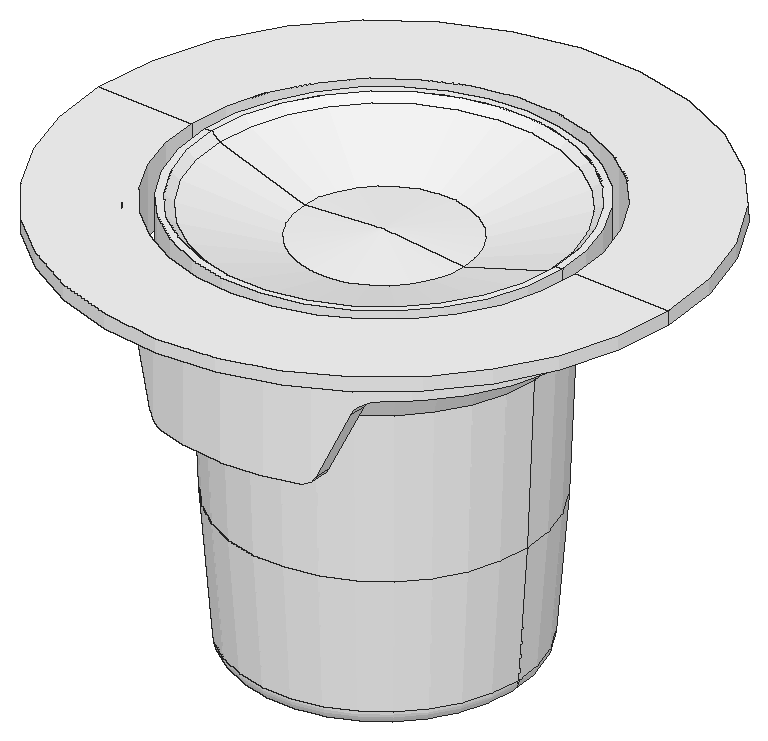
Revit family "5184", category Lighting Fixtures, host Face, Revit 2018
Family settings
  Host = Face
  Round Connector Dimension = Use Diameter
  Part Type = Normal
  OmniClass Number = 23.80.70.00
  OmniClass Title = Lighting
  Cut with Voids When Loaded = No
  Light Source = No
  Shared = No
  Room Calculation Point = No
Parameters (values of type "0005184 START SPOT ALU 870LM 3CCT DIM IP44 WHT")
  Weight = "n/a"
  Wattage Comments = ""
  WarrantyStartDate [instance] = "n/a"
  WarrantyGuarantorParts = "n/a"
  WarrantyDurationUnit = "n/a"
  WarrantyDurationParts = ""
  WarrantyDescription = "http://www.sylvania-lighting.com"
  Voltage = 230 V
  VisibilityTop_FEILO = yes
  URL = "0.9"
  TypeName = "START SPOT ALU 870LM 3CCT DIM IP44 WHT"
  TypeHead_FEILO = Start Spot IP20 Head : 0005184 START SPOT ALU 870LM 3CCT DIM IP44 WHT
  Type Image = <None>
  Type Comments = "n/a"
  TiltAngle_FEILO [instance] = 0.00°
  SerialNumber [instance] = "n/a"
  RadiusOptics_FEILO = 98.5 mm
  RadiusDiffuser_FEILO = 14 mm
  RadiusCutout_FEILO = 36 mm
  Material_3_FEILO = none
  PowerFactor = 0
  PowerConsumption = "Lighting"
  NominalLength = 86 mm
  NominalHeight = 60 mm
  NominalDepth = 86 mm
  Name = "START SPOT ALU 870LM 3CCT DIM IP44 WHT"
  ModelReference = Name  # "START SPOT ALU 870LM 3CCT DIM IP44 WHT"
  ModelNumber = "0005184"
  Model = Name  # "START SPOT ALU 870LM 3CCT DIM IP44 WHT"
  Material = "Feilo Sylvania"
  ManufacturerName = "100 lm/W"
  Manufacturer = ""
  LuminousEfficacy = ""
  LuminaireType = "0"
  LightOutputRatio = "LED"
  LampsType = Lamp  # "n/a"
  LampNominalLuminous = "3000 K"
  LampMacAdamStep = "80"
  LampColourTemperature = "LED"
  LampColourRenderingIndex = "16500"
  Lamp = "n/a"
  Keynote = "n/a"
  InstallationDate [instance] = "n/a"
  InputVoltage = "0"
  InputNominalFrequency = "3000"
  IngressProtection = "IfcLightFixtureType"
  ImpactProtectionIndex = "IfcLightFixtureType"
  IfcExportType = "IfcLightFixtureType"
  IfcExportAs = "Class II"
  HeightBezel_FEILO = 2 mm
  ExpectedLife = 50000
  EndAngle_FEILO [instance] = TiltAngle_FEILO + 180.00°  # 180.00°
  ElectricShockClassification = "100"
  DurationUnit = "hours"
  DocumentationLiterature = "http://www.sylvania-lighting.com/product/en-int/products/0005184"
  DimmingControlOptions = "n/a"
  Material_2_FEILO = LED-Sylvania-StartSpot
  DiameterBezel_FEILO = 86 mm
  Description = "Integrated LED recessed spotlight, vertical tilt 30°, white aluminium bezel finish, dimmable trailing/leading edge, 3-CCT changeable 2700-3000-4000K, 50° degree beam angle, polycarbonate and aluminium body, low profile 62mm recessed depth, IP44 from the front, IK03, loop-in/loop-out terminals for fast wiring, 68-72mm cutout, clear lens. Additional black or gold reflectors  can be ordered as accessory."
  DepthDiffuser_FEILO = 5 mm
  Default Elevation = 1219.2 mm
  CreatedOn = "18/09/2023"
  CreatedBy = "@sylvania-lighting.com"
  Cost = 0
  built-in parameter 1114216 [instance] = (empty or 0)
  ClassificationValue = "EF_70_80"
  ClassificationName = "Uniclass2015"
  Material_1_FEILO = Body-Sylvania-StartSpot-White
  BarCode [instance] = "n/a"
  AssetType = "Fixed"
  AssetIdentifier [instance] = "n/a"
  Assembly Code = "D5020200"
  Apparent Load = 8.7 VA
  Material_4_FEILO = none
Reference planes
  plane 1 "Center (Front/Back)": y = 0
  plane 2: z = 0
  plane 3 "Center (Left/Right)": x = 0
  plane 4: x = -43
  plane 5: x = 43
  plane 6: z = 2
  plane 7: z = -8
  plane 8: z = -10
  plane 9: z = -13.5
  plane 10: z = -36.5
  plane 11: z = -55
  plane 12: z = -67.625
  plane 13: x = -19
  plane 14: x = -21.5
  plane 15: x = -24
  plane 16: x = -26
  plane 17: x = -31
  plane 18: x = -17
  plane 19: z = -20
  plane 20: z = -3
  plane 21: x = -14
  plane 22: x = -29
  plane 23: x = -23
  plane 24: x = -27.2
  plane 25: x = -26
  plane 26: z = 1
  plane 27: z = -2
  plane 28: x = -12
  plane 29: y = 43
  plane 30: y = 43
  plane 31: y = -43
  plane 32: x = 31
  plane 33: x = 12
  plane 34: x = 17
  plane 35: z = -7
  plane 36: x = -36
  plane 37: x = -28.2
Forms (mm)
  Revolve 1, solid, material "Body-Sylvania-StartSpot-White" <- "Material_1_FEILO"
    sketch origin (0, 0, 0) x (1, 0, 0) y (0, 0, 1)
      loop
        line (-29, 2) -> (-43, 2) -> (-43, 0) -> (-31, 0) -> (-31, -20) -> (-29, -20) -> (-29, 2)
      axis (0, 2) -> (0, -20)
    angle from 360 to 0
  Extrusion 2, void
    sketch origin (0, 0, 0) x (1, 0, 0) y (0, 0, 1)
      loop
        line (-31, -8) -> (-31, -20) -> (-10.333, -20)
        arc (-10.333, -20) -> (-11.72, -19.58) -> (-12.641, -18.462) r 2.5
        line (-12.641, -18.462) -> (-16.231, -9.846)
        arc (-16.231, -9.846) -> (-17.336, -8.504) -> (-19, -8) r 3
        line (-19, -8) -> (-31, -8)
      loop
        line (31, -8) -> (19, -8)
        arc (19, -8) -> (17.336, -8.504) -> (16.231, -9.846) r 3
        line (16.231, -9.846) -> (12.513, -18.769)
        arc (12.513, -18.769) -> (11.776, -19.664) -> (10.667, -20) r 2
        line (10.667, -20) -> (31, -20) -> (31, -8)
    from -43 to 43
  Revolve 3, void
    sketch origin (0, 0, 0) x (1, 0, 0) y (0, 0, 1)
      loop
        line (-36, 0) -> (-36, -67.625) -> (0, -67.625) -> (0, 0) -> (-36, 0)
      axis (0, 0) -> (0, -67.625)
    angle from 360 to 0
  Revolve 4, solid, not visible
    sketch origin (0, 0, 0) x (0, 1, 0) y (0, 0, 1)
      loop
        line (0, -13.5) -> (-12.534, -13.5) -> (-12.534, -17.399) -> (0, -17.399) -> (0, -13.5)
      axis (0, -13.5) -> (-12.534, -13.5)
    angle from 0 <- "TiltAngle_FEILO" to 180 <- "EndAngle_FEILO"
Cuts and joins
  Extrusion 2 cuts Revolve 1
Lines and regions (mm)
  reference lines
    curve 1: line (-17, 0, -8) -> (-12, 0, -20)
    curve 2: line (17, 0, -8) -> (12, 0, -20)
Dimensions and locks
  equal spacing: plane 5, plane 3 "Center (Left/Right)", plane 4
  "DiameterBezel_FEILO": plane 5 to plane 4
  "HeightBezel_FEILO": plane 6 to plane 2
  plane 3 "Center (Left/Right)" to plane 13 to plane 14 to plane 15 to plane 16 to plane 17 to plane 4 = 19 mm, 2.5 mm, 2.5 mm, 2 mm, 5 mm, 12 mm
  plane 2 to plane 7 to plane 8 to plane 9 to plane 19 to plane 10 to plane 11 to plane 12 = 8 mm locked, 2 mm locked, 3.5 mm locked, 6.5 mm locked, 16.5 mm locked, 18.5 mm locked, 12.625 mm locked
  "DepthDiffuser_FEILO": plane 6 to plane 20
  "RadiusDiffuser_FEILO": plane 3 "Center (Left/Right)" to plane 21
  locked: plane 22 to plane 17 at 2
  locked: plane 23 to plane 15 at 1
  locked: plane 25 to plane 24 at 1.2
  locked: plane 6 to plane 26 at 1
  locked: plane 27 to plane 20 at 1
  locked: plane 3 "Center (Left/Right)" to plane 28 at 12
  equal spacing: plane 31, plane 1 "Center (Front/Back)", plane 30
  "DiameterBezel_FEILO": plane 31 to plane 30
  locked: plane 32 to plane 3 "Center (Left/Right)" at 31
  locked: plane 33 to plane 3 "Center (Left/Right)" at 12
  locked: plane 34 to plane 3 "Center (Left/Right)" at 17
  locked: plane 6 to plane 35 at 9
  "RadiusCutout_FEILO": plane 3 "Center (Left/Right)" to plane 36
  locked: plane 24 to plane 37 at 1
  aligned and locked: plane 2 to host face
  aligned and locked: level to host face
  aligned and locked: Revolve 1 sketch curve to plane 3 "Center (Left/Right)"
  aligned and locked: Revolve 1 sketch curve to plane 17
  aligned and locked: plane 7 to curve 1
  aligned and locked: plane 18 to curve 1
  aligned and locked: plane 28 to curve 1
  aligned and locked: plane 19 to curve 1
  aligned and locked: plane 7 to Extrusion 2 sketch curve  (x2)
  aligned and locked: curve 1 to Extrusion 2 sketch curve
  aligned and locked: Extrusion 2 sketch curve to Revolve 1
  aligned and locked: plane 7 to curve 2
  aligned and locked: plane 19 to curve 2
  aligned and locked: Extrusion 2 sketch curve to plane 32
  aligned and locked: Extrusion 2 sketch curve to curve 2
  aligned and locked: plane 19 to Extrusion 2 sketch curve
  aligned and locked: Extrusion 2 sketch curve to plane 19
  aligned and locked: Revolve 3 sketch curve to level
  aligned and locked: Revolve 3 sketch curve to plane 3 "Center (Left/Right)"  (x2)
  aligned and locked: plane 36 to Revolve 3 sketch curve
  aligned and locked: plane 25 to plane 16
  aligned and locked: Revolve 1 sketch curve to plane 6
  aligned and locked: Revolve 1 sketch curve to plane 22
  aligned and locked: Revolve 4 sketch curve to plane 9  (x2)
  aligned and locked: Revolve 4 sketch curve to plane 1 "Center (Front/Back)"
  aligned and locked: Revolve 3 sketch curve to plane 12
  aligned and locked: nested 2 to plane 1 "Center (Front/Back)"
Automatic sketch dimensions
  host sketch curve to host sketch curve = 2438.4 mm  (x2)
  curve 2 to plane 33 = 0 mm
  curve 2 to plane 34 = 0 mm
  Extrusion 2 sketch curve to plane 13 = 0 mm
  Extrusion 2 sketch curve to plane 8 = 0.154 mm  (x2)
  Extrusion 2 sketch curve to plane 28 = 0.641 mm
  plane 28 to Extrusion 2 sketch curve = 1.667 mm
  Extrusion 2 sketch curve to plane 33 = 1.333 mm
  plane 33 to Extrusion 2 sketch curve = 0.513 mm
  plane 34 to Extrusion 2 sketch curve = 2 mm
  Revolve 1 sketch curve to plane 4 = 0 mm
  Revolve 1 sketch curve to plane 19 = 0 mm
  Revolve 1 sketch curve to level = 0 mm
  plane 12 to Revolve 1 sketch curve = 551.6 mm
  Revolve 1 sketch curve to plane 6 = 2606.058 mm
  Revolve 4 sketch curve to plane 19 = 2.601 mm
  plane 1 "Center (Front/Back)" to Revolve 4 sketch curve = 12.534 mm
  plane 31 to Revolve 4 sketch curve = 2511.941 mm
  Revolve 4 sketch curve to plane 29 = 2054.409 mm
  plane 12 to Revolve 3 sketch curve = 551.6 mm
  Revolve 3 sketch curve to plane 6 = 2607.058 mm
Nested families
  nested 1: "Start Spot tilt connector" at (0, -6.841, -11.913) x (0, 0, 1) z (1, 0, 0), type "Type Name"
  nested 2: "Start Spot IP20 Head" at (0, 0, -0.013) x (-1, 0, 0) z (0, 0, 1), type <- "TypeHead_FEILO", type "0005184 START SPOT ALU 870LM 3CCT DIM IP44 WHT"
    with built-in parameter 1114216 (empty or 0), Apparent Load 8.7 VA
Connectors
  electrical at (0, 0, 0), driven by "Apparent Load", driven by "PowerFactor", driven by "Voltage"
    settings: index 1, voltage 230 V, apparent load 8.7 VA, apparent load phase1 0 VA, apparent load phase2 0 VA, apparent load phase3 0 VA, power factor 0, load classification "Lighting", number of poles 1, system type 30, power factor state 1, is connector primary yes, connector utility no, sub classification motor no, connector description ""
Definition of nested family "Start Spot IP20 Head"
  Parameters (values of type "0053578 START SPOT LED IP20 4000K 3PK")
    Wattage Comments = ""
    Wattage = 5 W
    built-in parameter 1150110 = 1 (stored number, unit not read)
    VisibilityTop_FEILO = yes
    URL = "http://www.sylvania-lighting.com"
    Type Image = (empty or 0)
    Type Comments = "n/a"
    built-in parameter 1114217 = 1 (stored number, unit not read)
    Tilt Angle = -90.00°
    built-in parameter 1150109 = 1 (stored number, unit not read)
    built-in parameter 1150134 = 12
    built-in parameter 1150113 = 1 (stored number, unit not read)
    RadiusOptics_FEILO = 98.5 mm
    RadiusFilletTop_FEILO = 2.509 mm
    RadiusDiffuser_FEILO = 14 mm
    RadiusCutout_FEILO = 36 mm
    Photometric Web File = "0053544.ies"
    Material_3_FEILO = none
    Model = "START SPOT LED IP20 4000K 3PK"
    Manufacturer = "Feilo Sylvania"
    LuminousEfficacy = "84 lm/W"
    built-in parameter 1150105 = 732.03 (stored number, unit not read)
    Lumens = 420 lm
    built-in parameter 1150115 = 1 (stored number, unit not read)
    LightOutputRatio = "100"
    built-in parameter 1150137 = (empty or 0)
    built-in parameter 1150139 = (empty or 0)
    LampNominalLuminous = "420 lm"
    LampMacAdamStep = "n/a"
    LampColourTemperature = "4000 K"
    LampColourRenderingIndex = "80"
    built-in parameter 1150112 = 1 (stored number, unit not read)
    built-in parameter 1150114 = 1 (stored number, unit not read)
    Lamp = "LED"
    Keynote = "16500"
    built-in parameter 1150132 = (empty or 0)
    built-in parameter 1150102 = (empty or 0)
    built-in parameter 1150107 = 4000 (stored number, unit not read)
    built-in parameter 1150138 = (empty or 0)
    built-in parameter 1150106 = 7.3203 (stored number, unit not read)
    HeightBezel_FEILO = 2 mm
    Emit from Circle Diameter = 24 mm
    Emit Shape Visible in Rendering = no
    built-in parameter 1150104 = 7.8039 (stored number, unit not read)
    Material_2_FEILO = none
    Dimming Lamp Color Temperature Shift = (empty or 0)
    DiameterBezel_FEILO = 86 mm
    Description = "Integrated LED IP20 adjustable downlight, RAL9016, 430LM, 5W, 4000K, 30 degree tilt, 38 degree beam angle, polycarbonate white body, low profile 41mm recessed depth, 86mm bezel diameter, 68-74mm cutout, clear lens."
    DepthDiffuser_FEILO = 5 mm
    Default Elevation = 1219.2 mm
    Cost = 0
    Color Filter = 16777215
    built-in parameter 1114216 [instance] = (empty or 0)
    Material_1_FEILO = none
    built-in parameter 1114218 = 1 (stored number, unit not read)
    built-in parameter 1150133 = 10 (stored number, unit not read)
    Assembly Code = "D5020200"
    Apparent Load = 5 VA
    Material_4_FEILO = none
  Types (7, lengths in mm): name | Wattage | VisibilityTop_FEILO | built-in parameter 1150134 | Photometric Web File | Model | LuminousEfficacy | built-in parameter 1150105 | Lumens | LightOutputRatio | LampNominalLuminous | LampColourTemperature | built-in parameter 1150107 | built-in parameter 1150106 | built-in parameter 1150104 | Description | Apparent Load
    0053578 START SPOT LED IP20 4000K 3PK | 5 W | yes | 12 | "0053544.ies" | "START SPOT LED IP20 4000K 3PK" | "84 lm/W" | 732.03 (stored number, unit not read) | 420 lm | "100" | "420 lm" | "4000 K" | 4000 (stored number, unit not read) | 7.3203 (stored number, unit not read) | 7.8039 (stored number, unit not read) | "Integrated LED IP20 adjustable downlight, RAL9016, 430LM, 5W, 4000K, 30 degree tilt, 38 degree beam angle, polycarbonate white body, low profile 41mm recessed depth, 86mm bezel diameter, 68-74mm cutout, clear lens." | 5 VA
    0053543 START SPOT LED IP20 3000K | 5 W | yes | (empty or 0) | "0053543.ies" | "START SPOT LED IP20 3000K" | "80 lm/W" | 560.2 (stored number, unit not read) | 400 lm | "100" | "400 lm" | "3000 K" | 3000 (stored number, unit not read) | 5.602 (stored number, unit not read) | 7.4322 (stored number, unit not read) | "Integrated LED IP20 adjustable downlight, RAL9016, 400LM, 5W, 3000K, 30 degree tilt, 38 degree beam angle, polycarbonate white body, low profile 41mm recessed depth, 86mm bezel diameter, 68-74mm cutout, clear lens." | 5 VA
    0053544 START SPOT LED IP20 4000K | 5 W | yes | 12 | "0053544.ies" | "START SPOT LED IP20 4000K" | "84 lm/W" | 732.03 (stored number, unit not read) | 420 lm | "100" | "420 lm" | "4000 K" | 4000 (stored number, unit not read) | 7.3203 (stored number, unit not read) | 7.8039 (stored number, unit not read) | "Integrated LED IP20 adjustable downlight, RAL9016, 430LM, 5W, 4000K, 30 degree tilt, 38 degree beam angle, polycarbonate white body, low profile 41mm recessed depth, 86mm bezel diameter, 68-74mm cutout, clear lens." | 5 VA
    0053547 START SPOT LED IP20 6500K | 5 W | no | 1 | "0053547.ies" | "START SPOT LED IP20 6500K" | "84 lm/W" | 866.26 (stored number, unit not read) | 420 lm | "n/a" | "420 lm" | "6500 K" | 6500 (stored number, unit not read) | 8.6626 (stored number, unit not read) | 7.8039 (stored number, unit not read) | "Integrated LED IP20 adjustable downlight, RAL9016, 430LM, 5W, 6500K, 30 degree tilt, 38 degree beam angle, polycarbonate white body, low profile 41mm recessed depth, 86mm bezel diameter, 65-74mm cutout, clear lens" | 5 VA
    0053583 START SPOT LED DIM IP20 3000K | 5.5 W | no | (empty or 0) | "0053583.ies" | "START SPOT LED DIM IP20 3000K" | "73 lm/W" | 853.53 (stored number, unit not read) | 401.5 lm | "n/a" | "400 lm" | "3000 K" | 3000 (stored number, unit not read) | 8.5353 (stored number, unit not read) | 6.7819 (stored number, unit not read) | "Integrated dimmable LED IP20 adjustable downlight, RAL9016, 400LM, 5.5W, 3000K, 30 degree tilt, 38 degree beam angle, polycarbonate white body, low profile 41mm recessed depth, 86mm bezel diameter, 65-74mm cutout, clear lens" | 5.5 VA
    0053584 START SPOT LED DIM IP20 4000K | 5.5 W | no | 12 | "0053584.ies" | "START SPOT LED DIM IP20 4000K" | "76 lm/W" | 855.36 (stored number, unit not read) | 418 lm | "n/a" | "420 lm" | "4000 K" | 4000 (stored number, unit not read) | 8.5536 (stored number, unit not read) | 7.0606 (stored number, unit not read) | "Integrated dimmable LED IP20 adjustable downlight, RAL9016, 430LM, 5.5W, 4000K, 30 degree tilt, 38 degree beam angle, polycarbonate white body, low profile 41mm recessed depth, 86mm bezel diameter, 65-74mm cutout, clear lens" | 5.5 VA
    0053585 START SPOT LED DIM IP20 6500K | 5.5 W | no | 1 | "0053585.ies" | "START SPOT LED DIM IP20 6500K" | "76 lm/W" | 871.62 (stored number, unit not read) | 418 lm | "n/a" | "420 lm" | "6500 K" | 6500 (stored number, unit not read) | 8.7162 (stored number, unit not read) | 7.0606 (stored number, unit not read) | "Integrated dimmable LED IP20 adjustable downlight, RAL9016, 430LM, 5.5W, 6500K, 30 degree tilt, 38 degree beam angle, polycarbonate white body, low profile 41mm recessed depth, 86mm bezel diameter, 65-74mm cutout, clear lens" | 5.5 VA
  Reference planes
    plane 1 "Center (Front/Back)": y = 0
    plane 2: z = 0
    plane 3 "Center (Left/Right)": x = 0
    plane 4: z = 2
    plane 5: z = -9
    plane 6: z = -11
    plane 7: z = -14.5
    plane 8: z = -37.5
    plane 9: z = -56
    plane 10: z = -58
    plane 11: x = -19
    plane 12: x = -20.3
    plane 13: x = -22.8
    plane 14: x = -24.8
    plane 15: z = -21
    plane 16: z = -3
    plane 17: x = -21.8
    plane 18: x = -26
    plane 19: x = -24.8
    plane 20: z = 1
    plane 21: z = -2
    plane 22: x = -12
    plane 23: y = 43
    plane 24: y = 43
    plane 25: y = -43
    plane 26: z = -7
    plane 27: x = -27
  Forms (mm)
    Extrusion 1, solid
      sketch origin (4.2, 0, 0) x (1, 0, 0) y (0, 1, 0)
        loop
          line (-1219.2, 1219.2) -> (-1219.2, -1219.2) -> (1219.2, -1219.2) -> (1219.2, 1219.2) -> (-1219.2, 1219.2)
      from 0 to -68.017
    Revolve 2, solid, material <- "Material_1_FEILO"
      sketch origin (0, 0, 0) x (1, 0, 0) y (0, 0, 1)
        loop
          line (-24.8, -7) -> (-24.8, -11) -> (-22.8, -14.5) -> (-21.8, -37.5) -> (0, -37.5) -> (0, -2)
          arc (0, -2) -> (-6.021, -2.25) -> (-12, -3) r 72.5
          line (-12, -3) -> (-24.8, 1) -> (-26, 2) -> (-27, 2) -> (-27, -7) -> (-24.8, -7)
        axis (0, 2) -> (0, -37.5)
      angle from 360 to 0
    Revolve 3, solid, material <- "Material_1_FEILO", visible <- "VisibilityTop_FEILO"
      sketch origin (0, 0, 0) x (1, 0, 0) y (0, 0, 1)
        loop
          line (0, -37.5) -> (-21.8, -37.5) -> (-20.3, -56)
          arc (-20.3, -56) -> (-19.903, -57.164) -> (-19, -58) r 2.509
          line (-19, -58) -> (0, -58) -> (0, -37.5)
        axis (0, -37.5) -> (0, -58)
      angle from 360 to 0
  Dimensions and locks
    "HeightBezel_FEILO": plane 4 to plane 2
    plane 2 to plane 5 to plane 6 to plane 7 to plane 15 to plane 8 to plane 9 to plane 10 = 9 mm locked, 2 mm locked, 3.5 mm locked, 6.5 mm locked, 16.5 mm locked, 18.5 mm locked, 2 mm locked
    "DepthDiffuser_FEILO": plane 4 to plane 16
    locked: plane 4 to plane 20 at 1
    locked: plane 21 to plane 16 at 1
    equal spacing: plane 25, plane 1 "Center (Front/Back)", plane 24
    "DiameterBezel_FEILO": plane 25 to plane 24
    locked: plane 4 to plane 26 at 9
    locked: plane 3 "Center (Left/Right)" to plane 27 at 27
    plane 11 to plane 12 to plane 17 to plane 13 to plane 19 to plane 18 to plane 27 = 1.3 mm, 1.5 mm locked, 1 mm locked, 2 mm locked, 1.2 mm locked, 1 mm locked
    locked: plane 3 "Center (Left/Right)" to plane 22 at 12
    locked: Revolve 3 sketch curve to plane 10 at 2.203
    locked: plane 3 "Center (Left/Right)" to Revolve 3 sketch curve at 17.8
    "RadiusFilletTop_FEILO": radius of Revolve 3 sketch curve
    aligned and locked: plane 2 to Extrusion 1
    aligned and locked: level to Extrusion 1
    aligned and locked: Revolve 2 sketch curve to plane 3 "Center (Left/Right)"
    aligned and locked: plane 6 to Revolve 2 sketch curve
    aligned and locked: Revolve 2 sketch curve to plane 14
    aligned and locked: plane 7 to Revolve 2 sketch curve
    aligned and locked: plane 17 to Revolve 2 sketch curve
    aligned and locked: plane 8 to Revolve 2 sketch curve
    aligned and locked: plane 3 "Center (Left/Right)" to Revolve 2 sketch curve  (x2)
    aligned and locked: Revolve 3 sketch curve to plane 3 "Center (Left/Right)"
    aligned and locked: plane 3 "Center (Left/Right)" to Revolve 3 sketch curve  (x2)
    aligned and locked: Revolve 3 sketch curve to Revolve 2  (x2)
    aligned and locked: plane 12 to Revolve 3 sketch curve
    aligned and locked: plane 11 to Revolve 3 sketch curve
    aligned and locked: plane 19 to plane 14
    aligned and locked: plane 14 to Revolve 2 sketch curve
    aligned and locked: plane 18 to Revolve 2 sketch curve
    aligned and locked: Revolve 2 sketch curve to plane 4
    aligned and locked: Revolve 2 sketch curve to plane 27
    aligned and locked: plane 26 to Revolve 2 sketch curve
    aligned and locked: plane 3 "Center (Left/Right)" to imposter light
    aligned and locked: imposter light to plane 21
    aligned and locked: plane 21 to Revolve 2 sketch curve
    aligned and locked: plane 22 to Revolve 2 sketch curve
    aligned and locked: plane 16 to Revolve 2 sketch curve
  Automatic sketch dimensions
    Extrusion 1 sketch curve to Extrusion 1 sketch curve = 2438.4 mm  (x2)
    Revolve 2 sketch curve to plane 13 = 0 mm
    Revolve 2 sketch curve to plane 20 = 0 mm
    Revolve 2 sketch curve to Revolve 2 sketch curve = 535.1 mm
    Revolve 2 sketch curve to plane 4 = 2607.058 mm
    plane 10 to Revolve 3 sketch curve = 551.6 mm
    Revolve 3 sketch curve to plane 4 = 2607.058 mm
  Connectors
    electrical at (0, 0, 0), driven by "Apparent Load"
      settings: index 1, voltage 0 V, apparent load 5 VA, apparent load phase1 0 VA, apparent load phase2 0 VA, apparent load phase3 0 VA, power factor 0, load classification none, number of poles 1, system type 30, power factor state 1, is connector primary yes, connector utility no, sub classification motor no, connector description ""
Definition of nested family "Start Spot tilt connector"
  Parameters (values of type "Type Name")
    URL = "http://www.feilosylvania.com"
    Type Image = (empty or 0)
    Type Comments = "n/a"
    Material_3_FEILO = none
    Model = ""
    Manufacturer = "Feilo Sylvania"
    Keynote = ""
    Material_2_FEILO = none
    Description = ""
    Default Elevation = 1219.2 mm
    Cost = 0
    Material_1_FEILO = none
    Assembly Code = ""
    Material_4_FEILO = none
  Reference planes
    plane 1 "Center (Front/Back)": y = 0
    plane 2: z = 0
    plane 3 "Center (Left/Right)": x = 0
    plane 4: x = 11.9
    plane 5: z = 2
    plane 6: x = 13.9
    plane 7: z = 4.937
    plane 8: y = -3
    plane 9: y = 3
  Forms (mm)
    Extrusion 1, solid
      sketch origin (4.2, 0, 0) x (1, 0, 0) y (0, 1, 0)
        loop
          line (-1219.2, 1219.2) -> (-1219.2, -1219.2) -> (1219.2, -1219.2) -> (1219.2, 1219.2) -> (-1219.2, 1219.2)
      from 0 to -68.017
    Extrusion 2, solid, not visible
      sketch origin (0, 0, 0) x (1, 0, 0) y (0, 0, 1)
        loop
          line (0, 0) -> (13.9, 0) -> (13.9, 4.937) -> (11.9, 4.937) -> (11.9, 2) -> (0, 2) -> (0, 0)
      from -3 to 3
  Dimensions and locks
    locked: plane 4 to plane 3 "Center (Left/Right)" at 11.9
    locked: plane 5 to plane 2 at 2
    locked: plane 6 to plane 4 at 2
    locked: plane 7 to plane 5 at 2.938
    plane 8 to plane 1 "Center (Front/Back)" to plane 9 = 3 mm locked, 3 mm locked
    aligned and locked: plane 2 to Extrusion 1
    aligned and locked: level to Extrusion 1
    aligned and locked: Extrusion 2 sketch curve to plane 4
    aligned and locked: plane 6 to Extrusion 2 sketch curve
    aligned and locked: Extrusion 2 sketch curve to plane 5
    aligned and locked: Extrusion 2 to plane 7
    aligned and locked: Extrusion 2 to plane 4
    aligned and locked: plane 8 to Extrusion 2
    aligned and locked: Extrusion 2 to plane 9
